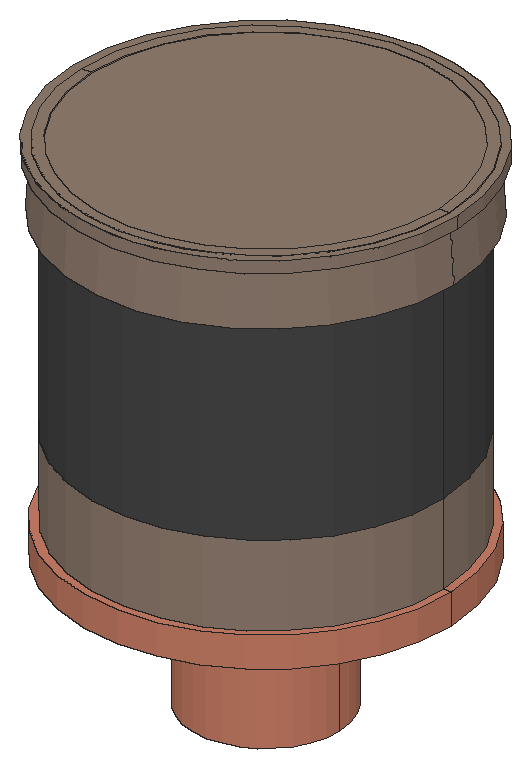
Revit family
Parameters (values of type "4040S02")
  Weight (lb) = 10.14
  Warranty = "1 year material and workmanship"  # constant formula
  URL = "http://www.jrsmith.com"
  Threaded Connection = yes
  Technical and Installation = "http://jrsmith.com/products/cleanout/tech_data_index.htm"
  SmartBIM Object Version = 3  # constant formula
  SmartBIM Object Created By = "Reed Construction Data"  # constant formula
  Product URL = "http://www.jrsmith.com/products/cleanout/submittal/d4040.pdf"
  Pipe Radius = Pipe Diameter / 2  # 1"
  Pipe Diameter = 2"
  OmniClass Title = "Sanitary Waste Piping Specialities"  # constant formula
  OmniClass Code = "22-22 13 19 13"  # constant formula
  No Hub Connection = yes
  No Hub = yes
  Model = "4040"  # constant formula
  Material Finish = Duco Coated
  Material = Cast Iron
  Manufacturer = "Jay R. Smith Mfg. Co. "  # constant formula
  Floor Offset = 0"  # constant formula
  Description = "Duco cast iron cleanout with square adjustable scoriated secured nickel bronze top"  # constant formula
  Default Elevation = 0"
  Connection Type = ""
  Assembly Code = "D2030400"
  Adjustable Height = 3 3/16"
  95 CSI = "15155"  # constant formula
  04 CSI = "22 13 19"  # constant formula
Types (4): name | Weight (lb) | Product URL | Pipe Radius | Pipe Diameter | Adjustable Height
  4040S03 | 9.86 | "http://www.jrsmith.com/products/cleanout/submittal/d4040.pdf" | 1 1/2" | 3" | 6"
  4040S04 | 0 | "http://www.jrsmith.com/products/floor/submittal/d2710.pdf" | 2" | 4" | 6"
  4040S02 | 10.14 | "http://www.jrsmith.com/products/cleanout/submittal/d4040.pdf" | 1" | 2" | 3 3/16"
  4040S05 | 0 | "http://www.jrsmith.com/products/cleanout/submittal/d4040.pdf" | 2 1/2" | 5" | 6"
Reference planes (in)
  plane 1 "Center (Front/Back)": y = 0.875
  plane 2: z = 0
  plane 3 "Center (Left/Right)": x = 0
  plane 4: y = 7
  plane 5: y = -5.25
  plane 6: x = -3
  plane 7: x = 3
  plane 8: z = -0.91441
Dimensions and locks (in)
  equal spacing: plane 5, plane 1 "Center (Front/Back)", plane 4
  plane 6 to plane 7 = 6"
  locked: level to plane 8 at 0.91441
  "Floor Offset": level to nested 1
  aligned and locked: plane 3 "Center (Left/Right)" to nested 1
  aligned and locked: plane 1 "Center (Front/Back)" to nested 1
Nested families (in)
  nested 1: "4040" at (0, 0, -8.10191), type "3" Diameter Outlet"
    with Floor Offset 0", Adjustable Height 3 3/16"
Connectors (in)
  piping at (0, 0.875, -8.10191), driven by "Pipe Radius"
    settings: on nested 1, index 1
Definition of nested family "4040"
  Parameters (values of type "3" Diameter Outlet")
    Weight (lb) = 0
    Warranty = "1 year material and workmanship"  # constant formula
    URL = "http://www.jrsmith.com"
    Threaded Connection = yes
    Technical and Installation = "http://www.jrsmith.com/products/cleanout/pm/tech.pdf"
    SmartBIM Object Version = 3  # constant formula
    SmartBIM Object Created By = "Reed Construction Data"  # constant formula
    Product URL = "http://www.jrsmith.com/products/cleanout/submittal/d4040.pdf"
    Pipe Radius = Pipe Diameter / 2  # 1"
    Pipe Diameter = 2"
    Pipe = Copper Satin
    OmniClass Title = "Sanitary Waste Piping Specialities"  # constant formula
    OmniClass Code = "22-22 13 19 13"  # constant formula
    No Hub Connection = yes
    Model = "2810"  # constant formula
    Material Finish = Duco Coated
    Material = Cast Iron
    Manufacturer = "Jay R. Smith Mfg. Co. "  # constant formula
    Free Area (in²) = ""
    Flow Rate = ""
    Drain Diameter = "3\""
    Description = "Duco cast iron cleanout with square adjustable scoriated secured nickel bronze top"  # constant formula
    Default Elevation = 0"
    Connection Type = ""
    Assembly Code = "D2030400"
    Floor Offset = 3 3/16"
    Adjustable Height = 6"
    95 CSI = "15155"  # constant formula
    04 CSI = "22 13 19"  # constant formula
  Reference planes (in)
    plane 1 "Center (Front/Back)": y = 0.875
    plane 2: z = 0
    plane 3 "Center (Left/Right)": x = 0
    plane 4: y = 7
    plane 5: y = -5.25
    plane 6: x = -3.13785
    plane 7: y = 4.01285
    plane 8: y = -2.26285
    plane 9: x = 3.13785
    plane 10: z = 6.34111
    plane 11: z = 2.68061
    plane 12: z = 11.03941
    plane 13: z = 4
    plane 14: z = 10.84931
    plane 15: z = 10
    plane 16: z = 0
    plane 17: z = 2.1875
    plane 18: z = 10.91441
    plane 19: z = 4
  Forms (in)
    Revolve 1, solid, material "Duco Coated" <- "Material Finish"
      sketch origin (0, 0.875, 6.17969) x (1, 0, 0) y (0, 0, 1)
        loop
          line (2.62296, -2.17969) -> (2.90373, -2.17969) -> (2.90373, 3.94531) -> (2.62296, 3.94531) -> (2.62296, -2.17969)
        axis (0, -2.17969) -> (0, 3.94531)
      angle from 0 to 360
    Revolve 2, solid, material "Copper Satin" <- "Pipe"
      sketch origin (0, 0.875, 6.17969) x (1, 0, 0) y (0, 0, 1)
        loop
          line (2.60799, -3.77865) -> (1, -3.77865) -> (1, -6.17969) -> (1.202, -6.17969) -> (1.202, -3.99219) -> (3.03236, -3.99219) -> (3.03236, -3.49937) -> (2.85224, -3.49937) -> (2.85224, -2.17969) -> (2.36977, -2.17969) -> (2.25927, -2.60387) -> (2.03567, -2.60387) -> (2.03567, -3.24449) -> (2.60799, -3.24449) -> (2.60799, -3.77865)
        axis (0, -6.17969) -> (0, -2.17969)
      angle from 0 to 360
    Revolve 3, solid, material "Cast Iron" <- "Material"
      sketch origin (0, 0.875, 6.17969) x (1, 0, 0) y (0, 0, 1)
        loop
          line (3.06745, 3.82031) -> (3.00246, 4.85972) -> (2.83713, 4.85972) -> (2.80487, 4.24368) -> (2.28897, 4.24368) -> (2.28049, 4.08243) -> (2.90373, 4.08243) -> (2.90373, 3.82031) -> (3.06745, 3.82031)
        axis (0, 3.82031) -> (0, 4.85972)
      angle from 0 to 360
    Extrusion 4, solid, material "Cast Iron" <- "Material"
      sketch origin (0, 0, 9.25) x (1, 0, 0) y (0, 1, 0)
        loop
          circle (0, 0.875) r 3.13785
      from 1.59931 to 1.78941
    Revolve 5, solid, material "Cast Iron" <- "Material"
      sketch origin (0, 0.875, 0) x (1, 0, 0) y (0, 0, 1)
        loop
          line (-2.85224, 4) -> (-2.90373, 4) -> (-2.90373, 2.68061) -> (-2.85224, 2.68061) -> (-2.85224, 4)
        axis (0, 4) -> (0, 2.68061)
      angle from 0 to 360
  Cuts and joins
    joined: Extrusion 4, Revolve 5
  Lines and regions (in)
    model lines
      curve 1: line (-2.90373, 0.875, 7.06441) -> (2.90373, 0.875, 7.06441)
      curve 2: line (0, 0.875, 7.06441) -> (0, 0.875, 1.96501)
  Dimensions and locks (in)
    equal spacing: plane 5, plane 1 "Center (Front/Back)", plane 4
    locked: plane 13 to plane 11 at 1.31939
    locked: plane 12 to plane 14 at 0.1901
    locked: plane 12 to plane 15 at 1.03941
    "Pipe Radius": Revolve 2 sketch curve to plane 3 "Center (Left/Right)"
    locked: Revolve 1 sketch curve to Revolve 1 sketch curve at 0.28077
    plane 9 to Revolve 2 sketch curve to Revolve 2 sketch curve to Revolve 2 sketch curve to Revolve 2 sketch curve to Revolve 2 sketch curve = 27/256" locked, 0.18012" locked, 0.24425" locked, 0.34873" locked, 0.22359" locked
    locked: plane 12 to plane 18 at 0.125
    locked: Revolve 1 sketch curve to plane 15 at 0.125
    "Adjustable Height": plane 15 to plane 19
    locked: plane 17 to plane 16 at 2.1875
    "Adjustable Height": plane 15 to Revolve 1 sketch curve
    locked: plane 19 to plane 11 at 1.31939
    locked: level to plane 16 at 0
    aligned and locked: Revolve 3 sketch curve to Extrusion 4
    aligned and locked: plane 12 to Extrusion 4
    aligned and locked: plane 14 to Extrusion 4
    aligned and locked: plane 15 to Revolve 3 sketch curve
    aligned and locked: Revolve 2 sketch curve to plane 16
    aligned and locked: Revolve 3 to Revolve 1 sketch curve
    aligned and locked: plane 19 to Revolve 2 sketch curve
    aligned and locked: Revolve 5 sketch curve to Revolve 2
    aligned and locked: Revolve 2 to Revolve 5 sketch curve
    aligned and locked: Revolve 5 sketch curve to plane 11
    aligned and locked: Revolve 1 to Revolve 5 sketch curve
    aligned and locked: Revolve 5 sketch curve to plane 3 "Center (Left/Right)"
  Automatic sketch dimensions
    curve 2 to plane 3 "Center (Left/Right)" = 0"
    curve 1 to plane 6 = 0.23411"
    curve 1 to plane 9 = 0.23411"
    curve 2 to plane 11 = 0.7156"
    plane 10 to curve 2 = 0.7233"
    Revolve 1 sketch curve to plane 3 "Center (Left/Right)" = 0"
    plane 11 to Revolve 1 sketch curve = 0.39717"
    plane 12 to Revolve 1 sketch curve = 0.45273"
    Revolve 3 sketch curve to plane 3 "Center (Left/Right)" = 0"
    Revolve 3 sketch curve to plane 9 = 0.85736"
    Revolve 3 sketch curve to Revolve 3 sketch curve = 0.00848"
    Revolve 3 sketch curve to plane 9 = 0.33298"
    Revolve 3 sketch curve to plane 9 = 0.30071"
    Revolve 3 sketch curve to plane 9 = 0.23411"
    Revolve 3 sketch curve to plane 9 = 0.13538"
    Revolve 3 sketch curve to plane 9 = 0.07039"
    Revolve 3 sketch curve to Revolve 3 sketch curve = 0.16124"
    Revolve 3 sketch curve to Revolve 3 sketch curve = 0.26212"
    Revolve 3 sketch curve to plane 10 = 0.48459"
    plane 11 to Revolve 3 sketch curve = 0.39717"
    Extrusion 4 sketch curve to plane 1 "Center (Front/Back)" = 0"
    Extrusion 4 sketch curve to plane 3 "Center (Left/Right)" = 0"
    Revolve 5 sketch curve to level = 46.65555"
    plane 12 to Revolve 5 sketch curve = 81.83813"
    Revolve 2 sketch curve to plane 3 "Center (Left/Right)" = 0"
    Revolve 2 sketch curve to plane 17 = 0"
    Revolve 2 sketch curve to Revolve 2 sketch curve = 0.11051"
    plane 17 to Revolve 2 sketch curve = 0.21353"
    Revolve 2 sketch curve to plane 11 = 0.00029"
    plane 11 to Revolve 2 sketch curve = 0.25459"
    plane 11 to Revolve 2 sketch curve = 0.39717"
    Revolve 2 sketch curve to plane 13 = 0.42418"
    plane 12 to Revolve 2 sketch curve = 0.20668"
    Revolve 2 sketch curve to Revolve 2 sketch curve = 0.202"
    radius of Extrusion 4 sketch curve = 3.13785"
